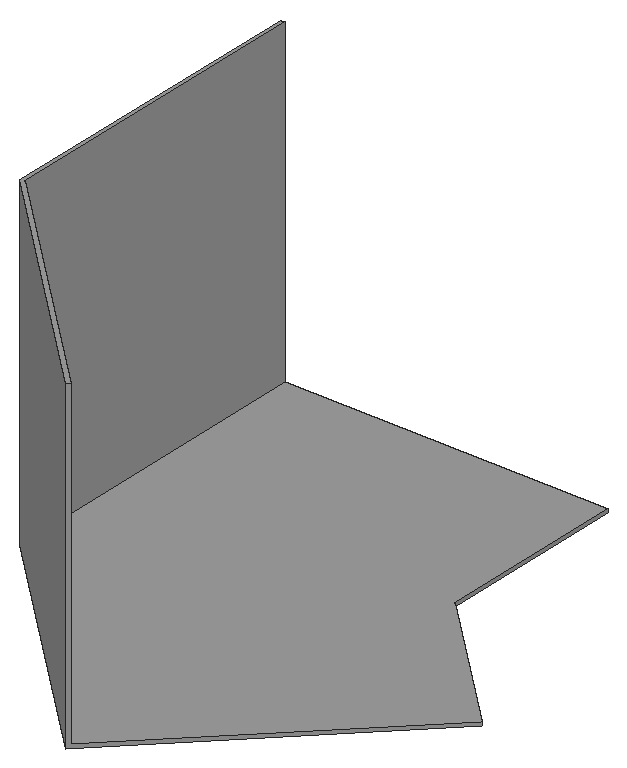
Revit family "Flashing_Preformed_Hyload_Inside135", category Generic Models, Revit 2016
Family settings
  Part Type = Normal
  Can host rebar = No
  Round Connector Dimension = Use Diameter
  OmniClass Number = 23.20.30.24.11
  OmniClass Title = Embedded Flashing
  Work Plane-Based = No
  Always vertical = Yes
  Cut with Voids When Loaded = No
  Shared = No
  Room Calculation Point = No
Parameters (values of type "As Specified")
  Unit Width = 0' - 6"
  Unit Height = 0' - 6"
  Unit Depth = 0' - 6"
  URL = "http://www.hyload.com/"
  Thickness = 0' - 0 1/16"
  Specification = "http://www.arcat.com/sdspecs/htm04/07_65_00hyl.htm"
  Sales Information = "http://www.hyload.com/contact-us"
  Revision = "R1_12-2015"
  Product Properties = "http://www.hyload.com/masonry-flashing/preformed-shapes/"
  Product Data = "http://www.arcat.com/arcatcos/cos33/arc33176.html"
  Model = "Inside Corner (135)"
  Manufacturer Website = "http://www.hyload.com/"
  Manufacturer Phone - Toll Free = "800-457-4056"
  Manufacturer Phone = "330-769-3546"
  Manufacturer Fax = "330-769-4153"
  Manufacturer Address = "5020 Panther Pkwy., Seville, OH 44273"
  Manufacturer = "Hyload"
  Keynote = "07 65 00"
  Flashing Material = Hyload Flashing Membrane - Grey
  Drawn By = "Robert S. Weygant / Sumex Design"
  Description = "Preformed Hyload Masonry Flashing - Inside Corner (135)"
  Copyright = "(c) ARCAT, Inc, 2015"
  Construction Details = "http://www.arcat.com/details/hyload/hyload.html?coid=33176"
  Assembly Code = "B3010400"
Reference planes (in)
  plane 1 "Center (Front/Back)": y = 0
  plane 2: z = 0
  plane 3 "Center (Left/Right)": x = 0
  plane 4: y = 6
  plane 5: x = 6
  plane 6: z = 6
Forms (in)
  Extrusion 1, solid, material "Hyload Flashing Membrane - Grey" <- "Flashing Material"
    sketch origin (0, 0, 0) x (1, 0, 0) y (0, 1, 0)
      loop
        line (0, 6) -> (0, 0) -> (4.24264, -4.24264) -> (8.48528, 0) -> (6, 2.48528) -> (6, 6) -> (0, 6)
    from 0 to 0.0625 <- "Thickness"
  Extrusion 2, solid, material "Hyload Flashing Membrane - Grey" <- "Flashing Material"
    sketch origin (0, 0, 0) x (1, 0, 0) y (0, 1, 0)
      loop
        line (0, 6) -> (0, 0) -> (4.24264, -4.24264) -> (4.28683, -4.19845) -> (0.0625, 0.02589) -> (0.0625, 6) -> (0, 6)
    from 0 to 6 <- "Unit Height"
Cuts and joins
  joined: Extrusion 1, Extrusion 2
Dimensions and locks (in)
  "Unit Depth": plane 1 "Center (Front/Back)" to plane 4
  "Unit Width": plane 3 "Center (Left/Right)" to plane 5
  "Unit Height": plane 6 to level
  "Thickness": plane 3 "Center (Left/Right)" to Extrusion 2 sketch curve
  "Unit Depth": Extrusion 2 sketch curve to Extrusion 2 sketch curve
  "Thickness": Extrusion 2 sketch curve to Extrusion 2 sketch curve
  aligned and locked: plane 2 to level
  aligned and locked: Extrusion 1 sketch curve to plane 4
  aligned and locked: plane 3 "Center (Left/Right)" to Extrusion 1 sketch curve
  aligned and locked: Extrusion 1 sketch curve to plane 5
  aligned and locked: plane 4 to Extrusion 2 sketch curve
  aligned and locked: Extrusion 2 sketch curve to plane 3 "Center (Left/Right)"
  aligned and locked: Extrusion 2 to level
Automatic sketch dimensions
  plane 1 "Center (Front/Back)" to Extrusion 2 sketch curve = 0' - 0"
  Extrusion 2 sketch curve to Extrusion 2 sketch curve = 0' - 0.04419"
  plane 1 "Center (Front/Back)" to Extrusion 1 sketch curve = 0' - 0"  (x2)
  Extrusion 1 sketch curve to plane 5 = 0' - 1.75736"
  plane 5 to Extrusion 1 sketch curve = 0' - 2.48528"
